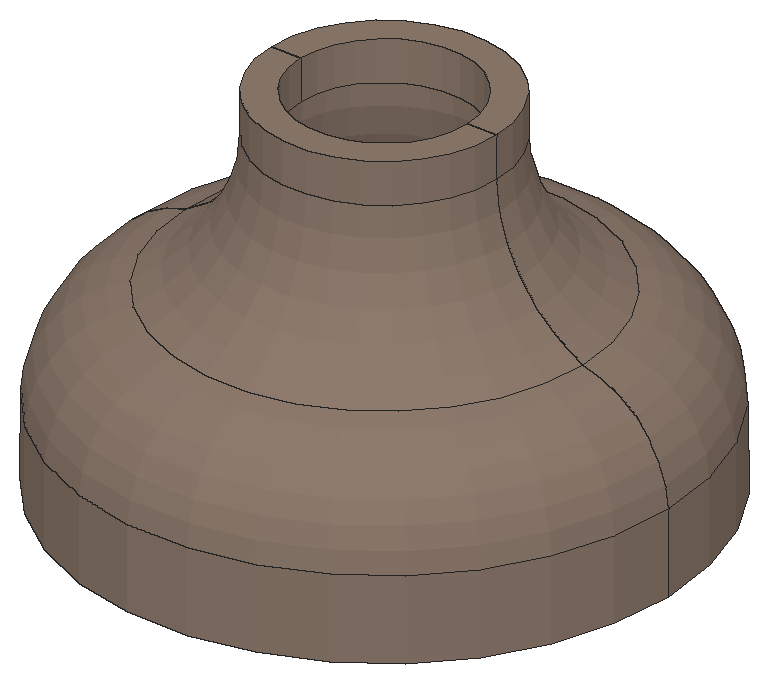
Revit family "CCS1302", category Generic Models, Revit 2017
Family settings
  Can host rebar = No
  Round Connector Dimension = Use Diameter
  Part Type = Normal
  Work Plane-Based = No
  Always vertical = Yes
  Cut with Voids When Loaded = No
  Shared = No
  Room Calculation Point = No
Parameters
  CLAM SHELL = ARCH. BRNZ.
Reference planes (in)
  plane 1 "Center (Front/Back)": y = 0
  plane 2: z = 0
  plane 3 "Center (Left/Right)": x = 0
Forms (in)
  Revolve 1, solid, material "ARCH. BRNZ." <- "CLAM SHELL"
    sketch origin (11.85115, 0, 1.24561) x (1, 0, 0) y (0, 0, 1)
      loop
        arc (-18.72615, 5.62208) -> (-18.13909, 7.04769) -> (-16.79575, 7.80427) r 2.35407
        arc (-16.79575, 7.80427) -> (-15.01971, 9.36471) -> (-14.35114, 11.63237) r 4.2536
        line (-14.35114, 11.63237) -> (-13.97615, 11.63237) -> (-13.97615, 12.63237) -> (-14.72615, 12.63237) -> (-14.72615, 11.63237)
        arc (-14.72615, 11.63237) -> (-15.32394, 9.58518) -> (-16.91365, 8.16351) r 3.8786
        arc (-16.91365, 8.16351) -> (-18.44071, 7.27243) -> (-19.10115, 5.63237) r 2.72907
        line (-19.10115, 5.63237) -> (-19.10115, 3.63237) -> (-18.72615, 3.63237) -> (-18.72615, 5.62208)
      axis (-11.85115, 3.63237) -> (-11.85115, 12.63237)
    angle from 0 to 180
  Revolve 2, solid, material "ARCH. BRNZ." <- "CLAM SHELL"
    sketch origin (11.85115, 0, 1.24561) x (1, 0, 0) y (0, 0, -1)
      loop
        line (-18.72615, -5.62208) -> (-18.72615, -3.63237) -> (-19.10115, -3.63237) -> (-19.10115, -5.63237)
        arc (-19.10115, -5.63237) -> (-18.44071, -7.27243) -> (-16.91365, -8.16351) r 2.72907
        arc (-16.91365, -8.16351) -> (-15.32394, -9.58518) -> (-14.72615, -11.63237) r 3.8786
        line (-14.72615, -11.63237) -> (-14.72615, -12.63237) -> (-13.97615, -12.63237) -> (-13.97615, -11.63237) -> (-14.35114, -11.63237)
        arc (-14.35114, -11.63237) -> (-15.01971, -9.36471) -> (-16.79575, -7.80427) r 4.2536
        arc (-16.79575, -7.80427) -> (-18.13909, -7.04769) -> (-18.72615, -5.62208) r 2.35407
      axis (-11.85115, -3.63237) -> (-11.85115, -12.63237)
    angle from 0 to 180
Dimensions and locks (in)
  aligned and locked: plane 2 to level
